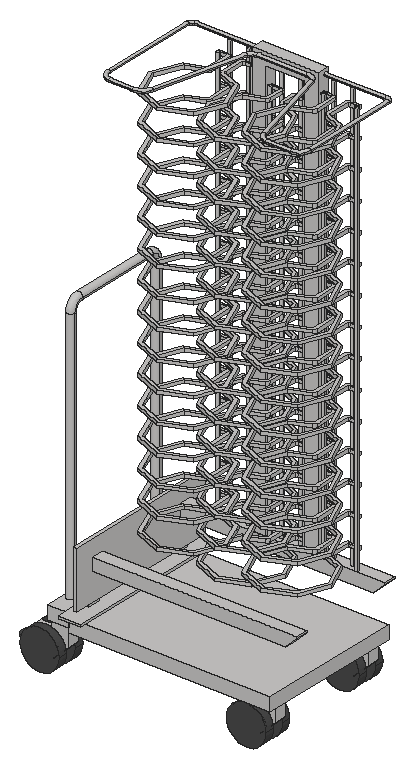
Revit family "QF_ELECTROLUXPROFESSIONAL_922763_TRBA45PL2011C", category Attrezzature speciali, Revit 2020 (continued)
Forms (mm)
  Extrusion 66, solid, material "QF_Finishes_Stainless Steel"
    sketch origin (-166.471, -23.659, 799.272) x (1, 0, 0) y (0, 1, 0)
      loop
        line (432.38, -165.946) -> (494.562, -192.341) -> (527.147, -272.992) -> (493.159, -353.062) -> (412.508, -385.647) -> (332.438, -351.659) -> (299.853, -271.008) -> (333.841, -190.938) -> (390.034, -168.235)
        arc (390.034, -168.235) -> (394.578, -164.555) -> (396.288, -158.963) r 10
        line (396.288, -158.963) -> (396.288, -85.841)
        arc (396.288, -85.841) -> (393.359, -78.77) -> (386.288, -75.841) r 10
        line (386.288, -75.841) -> (353.5, -75.841) -> (353.5, -82.841) -> (381.288, -82.841)
        arc (381.288, -82.841) -> (384.823, -84.305) -> (386.288, -87.841) r 5
        line (386.288, -87.841) -> (386.288, -155.591)
        arc (386.288, -155.591) -> (385.433, -158.386) -> (383.161, -160.226) r 5
        line (383.161, -160.226) -> (326.254, -183.218) -> (289.03, -270.914) -> (324.718, -359.246) -> (412.414, -396.47) -> (500.746, -360.782)
    from 44.728 to 54.728
  Extrusion 67, solid, material "QF_Finishes_Stainless Steel"
    sketch origin (994.581, -23.659, 819) x (-1, 0, 0) y (0, -1, 0)
      loop
        line (506.746, 360.782) -> (418.414, 396.47) -> (330.718, 359.246) -> (295.03, 270.914) -> (332.254, 183.218) -> (389.161, 160.226)
        arc (389.161, 160.226) -> (391.433, 158.386) -> (392.288, 155.591) r 5
        line (392.288, 155.591) -> (392.288, 87.841)
        arc (392.288, 87.841) -> (390.823, 84.305) -> (387.288, 82.841) r 5
        line (387.288, 82.841) -> (359.5, 82.841) -> (359.5, 75.841) -> (392.288, 75.841)
        arc (392.288, 75.841) -> (399.359, 78.77) -> (402.288, 85.841) r 10
        line (402.288, 85.841) -> (402.288, 158.963)
        arc (402.288, 158.963) -> (400.578, 164.555) -> (396.034, 168.235) r 10
        line (396.034, 168.235) -> (339.841, 190.938) -> (305.853, 271.008) -> (338.438, 351.659) -> (418.508, 385.647) -> (499.159, 353.062) -> (533.147, 272.992) -> (500.562, 192.341) -> (438.38, 165.946)
        arc (438.38, 165.946) -> (433.949, 162.261) -> (432.288, 156.741) r 10
        line (432.288, 156.741) -> (432.288, 85.841)
        arc (432.288, 85.841) -> (435.216, 78.77) -> (442.288, 75.841) r 10
        line (442.288, 75.841) -> (475.075, 75.841) -> (475.075, 82.841) -> (447.288, 82.841)
        arc (447.288, 82.841) -> (443.752, 84.305) -> (442.288, 87.841) r 5
        line (442.288, 87.841) -> (442.288, 153.432)
        arc (442.288, 153.432) -> (443.118, 156.192) -> (445.334, 158.034) r 5
        line (445.334, 158.034) -> (508.282, 184.754) -> (543.97, 273.086) -> (506.746, 360.782)
    from 25 to 35
  Extrusion 68, solid, material "QF_Finishes_Stainless Steel"
    sketch origin (0, 0, 670) x (1, 0, 0) y (0, 1, 0)
      loop
        line (500.746, -360.782) -> (537.97, -273.086) -> (502.282, -184.754) -> (439.334, -158.034)
        arc (439.334, -158.034) -> (437.118, -156.192) -> (436.288, -153.432) r 5
        line (436.288, -153.432) -> (436.288, -111.5)
        arc (436.288, -111.5) -> (437.752, -107.964) -> (441.288, -106.5) r 5
        line (441.288, -106.5) -> (469.075, -106.5) -> (469.075, -99.5) -> (436.288, -99.5)
        arc (436.288, -99.5) -> (429.216, -102.429) -> (426.288, -109.5) r 10
        line (426.288, -109.5) -> (426.288, -156.741)
        arc (426.288, -156.741) -> (427.949, -162.261) -> (432.38, -165.946) r 10
        line (432.38, -165.946) -> (494.562, -192.341) -> (527.147, -272.992) -> (493.159, -353.062) -> (412.508, -385.647) -> (332.438, -351.659) -> (299.853, -271.008) -> (333.841, -190.938) -> (390.034, -168.235)
        arc (390.034, -168.235) -> (394.578, -164.555) -> (396.288, -158.963) r 10
        line (396.288, -158.963) -> (396.288, -109.5)
        arc (396.288, -109.5) -> (393.359, -102.429) -> (386.288, -99.5) r 10
        line (386.288, -99.5) -> (353.5, -99.5) -> (353.5, -106.5) -> (381.288, -106.5)
        arc (381.288, -106.5) -> (384.823, -107.964) -> (386.288, -111.5) r 5
        line (386.288, -111.5) -> (386.288, -155.591)
        arc (386.288, -155.591) -> (385.433, -158.386) -> (383.161, -160.226) r 5
        line (383.161, -160.226) -> (326.254, -183.218) -> (289.03, -270.914) -> (324.718, -359.246) -> (412.414, -396.47) -> (500.746, -360.782)
    from 47.621 to 57.621
  Extrusion 69, solid, material "QF_Finishes_Stainless Steel"
    sketch origin (-166.471, -23.659, 710.272) x (1, 0, 0) y (0, 1, 0)
      loop
        line (500.746, -360.782) -> (537.97, -273.086) -> (502.282, -184.754) -> (439.334, -158.034)
        arc (439.334, -158.034) -> (437.118, -156.192) -> (436.288, -153.432) r 5
        line (436.288, -153.432) -> (436.288, -87.841)
        arc (436.288, -87.841) -> (437.752, -84.305) -> (441.288, -82.841) r 5
        line (441.288, -82.841) -> (469.075, -82.841) -> (469.075, -75.841) -> (436.288, -75.841)
        arc (436.288, -75.841) -> (429.216, -78.77) -> (426.288, -85.841) r 10
        line (426.288, -85.841) -> (426.288, -156.741)
        arc (426.288, -156.741) -> (427.949, -162.261) -> (432.38, -165.946) r 10
        line (432.38, -165.946) -> (494.562, -192.341) -> (527.147, -272.992) -> (493.159, -353.062) -> (412.508, -385.647) -> (332.438, -351.659) -> (299.853, -271.008) -> (333.841, -190.938) -> (390.034, -168.235)
        arc (390.034, -168.235) -> (394.578, -164.555) -> (396.288, -158.963) r 10
        line (396.288, -158.963) -> (396.288, -85.841)
        arc (396.288, -85.841) -> (393.359, -78.77) -> (386.288, -75.841) r 10
        line (386.288, -75.841) -> (353.5, -75.841) -> (353.5, -82.841) -> (381.288, -82.841)
        arc (381.288, -82.841) -> (384.823, -84.305) -> (386.288, -87.841) r 5
        line (386.288, -87.841) -> (386.288, -155.591)
        arc (386.288, -155.591) -> (385.433, -158.386) -> (383.161, -160.226) r 5
        line (383.161, -160.226) -> (326.254, -183.218) -> (289.03, -270.914) -> (324.718, -359.246) -> (412.414, -396.47) -> (500.746, -360.782)
    from 44.728 to 54.728
  Extrusion 70, solid, material "QF_Finishes_Stainless Steel"
    sketch origin (994.581, -23.659, 730) x (-1, 0, 0) y (0, -1, 0)
      loop
        line (506.746, 360.782) -> (418.414, 396.47) -> (330.718, 359.246) -> (295.03, 270.914) -> (332.254, 183.218) -> (389.161, 160.226)
        arc (389.161, 160.226) -> (391.433, 158.386) -> (392.288, 155.591) r 5
        line (392.288, 155.591) -> (392.288, 87.841)
        arc (392.288, 87.841) -> (390.823, 84.305) -> (387.288, 82.841) r 5
        line (387.288, 82.841) -> (359.5, 82.841) -> (359.5, 75.841) -> (392.288, 75.841)
        arc (392.288, 75.841) -> (399.359, 78.77) -> (402.288, 85.841) r 10
        line (402.288, 85.841) -> (402.288, 158.963)
        arc (402.288, 158.963) -> (400.578, 164.555) -> (396.034, 168.235) r 10
        line (396.034, 168.235) -> (339.841, 190.938) -> (305.853, 271.008) -> (338.438, 351.659) -> (418.508, 385.647) -> (499.159, 353.062) -> (533.147, 272.992) -> (500.562, 192.341) -> (438.38, 165.946)
        arc (438.38, 165.946) -> (433.949, 162.261) -> (432.288, 156.741) r 10
        line (432.288, 156.741) -> (432.288, 85.841)
        arc (432.288, 85.841) -> (435.216, 78.77) -> (442.288, 75.841) r 10
        line (442.288, 75.841) -> (475.075, 75.841) -> (475.075, 82.841) -> (447.288, 82.841)
        arc (447.288, 82.841) -> (443.752, 84.305) -> (442.288, 87.841) r 5
        line (442.288, 87.841) -> (442.288, 153.432)
        arc (442.288, 153.432) -> (443.118, 156.192) -> (445.334, 158.034) r 5
        line (445.334, 158.034) -> (508.282, 184.754) -> (543.97, 273.086) -> (506.746, 360.782)
    from 25 to 35
  Extrusion 71, solid, material "QF_Finishes_Stainless Steel"
    sketch origin (0, 0, 581) x (1, 0, 0) y (0, 1, 0)
      loop
        line (500.746, -360.782) -> (537.97, -273.086) -> (502.282, -184.754) -> (439.334, -158.034)
        arc (439.334, -158.034) -> (437.118, -156.192) -> (436.288, -153.432) r 5
        line (436.288, -153.432) -> (436.288, -111.5)
        arc (436.288, -111.5) -> (437.752, -107.964) -> (441.288, -106.5) r 5
        line (441.288, -106.5) -> (469.075, -106.5) -> (469.075, -99.5) -> (436.288, -99.5)
        arc (436.288, -99.5) -> (429.216, -102.429) -> (426.288, -109.5) r 10
        line (426.288, -109.5) -> (426.288, -156.741)
        arc (426.288, -156.741) -> (427.949, -162.261) -> (432.38, -165.946) r 10
        line (432.38, -165.946) -> (494.562, -192.341) -> (527.147, -272.992) -> (493.159, -353.062) -> (412.508, -385.647) -> (332.438, -351.659) -> (299.853, -271.008) -> (333.841, -190.938) -> (390.034, -168.235)
        arc (390.034, -168.235) -> (394.578, -164.555) -> (396.288, -158.963) r 10
        line (396.288, -158.963) -> (396.288, -109.5)
        arc (396.288, -109.5) -> (393.359, -102.429) -> (386.288, -99.5) r 10
        line (386.288, -99.5) -> (353.5, -99.5) -> (353.5, -106.5) -> (381.288, -106.5)
        arc (381.288, -106.5) -> (384.823, -107.964) -> (386.288, -111.5) r 5
        line (386.288, -111.5) -> (386.288, -155.591)
        arc (386.288, -155.591) -> (385.433, -158.386) -> (383.161, -160.226) r 5
        line (383.161, -160.226) -> (326.254, -183.218) -> (289.03, -270.914) -> (324.718, -359.246) -> (412.414, -396.47) -> (500.746, -360.782)
    from 47.621 to 57.621
  Extrusion 72, solid, material "QF_Finishes_Stainless Steel"
    sketch origin (-166.471, -23.659, 621.272) x (1, 0, 0) y (0, 1, 0)
      loop
        line (500.746, -360.782) -> (537.97, -273.086) -> (502.282, -184.754) -> (439.334, -158.034)
        arc (439.334, -158.034) -> (437.118, -156.192) -> (436.288, -153.432) r 5
        line (436.288, -153.432) -> (436.288, -87.841)
        arc (436.288, -87.841) -> (437.752, -84.305) -> (441.288, -82.841) r 5
        line (441.288, -82.841) -> (469.075, -82.841) -> (469.075, -75.841) -> (436.288, -75.841)
        arc (436.288, -75.841) -> (429.216, -78.77) -> (426.288, -85.841) r 10
        line (426.288, -85.841) -> (426.288, -156.741)
        arc (426.288, -156.741) -> (427.949, -162.261) -> (432.38, -165.946) r 10
        line (432.38, -165.946) -> (494.562, -192.341) -> (527.147, -272.992) -> (493.159, -353.062) -> (412.508, -385.647) -> (332.438, -351.659) -> (299.853, -271.008) -> (333.841, -190.938) -> (390.034, -168.235)
        arc (390.034, -168.235) -> (394.578, -164.555) -> (396.288, -158.963) r 10
        line (396.288, -158.963) -> (396.288, -85.841)
        arc (396.288, -85.841) -> (393.359, -78.77) -> (386.288, -75.841) r 10
        line (386.288, -75.841) -> (353.5, -75.841) -> (353.5, -82.841) -> (381.288, -82.841)
        arc (381.288, -82.841) -> (384.823, -84.305) -> (386.288, -87.841) r 5
        line (386.288, -87.841) -> (386.288, -155.591)
        arc (386.288, -155.591) -> (385.433, -158.386) -> (383.161, -160.226) r 5
        line (383.161, -160.226) -> (326.254, -183.218) -> (289.03, -270.914) -> (324.718, -359.246) -> (412.414, -396.47) -> (500.746, -360.782)
    from 44.728 to 54.728
  Extrusion 73, solid, material "QF_Finishes_Stainless Steel"
    sketch origin (994.581, -23.659, 641) x (-1, 0, 0) y (0, -1, 0)
      loop
        line (506.746, 360.782) -> (418.414, 396.47) -> (330.718, 359.246) -> (295.03, 270.914) -> (332.254, 183.218) -> (389.161, 160.226)
        arc (389.161, 160.226) -> (391.433, 158.386) -> (392.288, 155.591) r 5
        line (392.288, 155.591) -> (392.288, 87.841)
        arc (392.288, 87.841) -> (390.823, 84.305) -> (387.288, 82.841) r 5
        line (387.288, 82.841) -> (359.5, 82.841) -> (359.5, 75.841) -> (392.288, 75.841)
        arc (392.288, 75.841) -> (399.359, 78.77) -> (402.288, 85.841) r 10
        line (402.288, 85.841) -> (402.288, 158.963)
        arc (402.288, 158.963) -> (400.578, 164.555) -> (396.034, 168.235) r 10
        line (396.034, 168.235) -> (339.841, 190.938) -> (305.853, 271.008) -> (338.438, 351.659) -> (418.508, 385.647) -> (499.159, 353.062) -> (533.147, 272.992) -> (500.562, 192.341) -> (438.38, 165.946)
        arc (438.38, 165.946) -> (433.949, 162.261) -> (432.288, 156.741) r 10
        line (432.288, 156.741) -> (432.288, 85.841)
        arc (432.288, 85.841) -> (435.216, 78.77) -> (442.288, 75.841) r 10
        line (442.288, 75.841) -> (475.075, 75.841) -> (475.075, 82.841) -> (447.288, 82.841)
        arc (447.288, 82.841) -> (443.752, 84.305) -> (442.288, 87.841) r 5
        line (442.288, 87.841) -> (442.288, 153.432)
        arc (442.288, 153.432) -> (443.118, 156.192) -> (445.334, 158.034) r 5
        line (445.334, 158.034) -> (508.282, 184.754) -> (543.97, 273.086) -> (506.746, 360.782)
    from 25 to 35
  Extrusion 74, solid, material "QF_Finishes_Stainless Steel"
    sketch origin (0, 0, 492) x (1, 0, 0) y (0, 1, 0)
      loop
        line (500.746, -360.782) -> (537.97, -273.086) -> (502.282, -184.754) -> (439.334, -158.034)
        arc (439.334, -158.034) -> (437.118, -156.192) -> (436.288, -153.432) r 5
        line (436.288, -153.432) -> (436.288, -111.5)
        arc (436.288, -111.5) -> (437.752, -107.964) -> (441.288, -106.5) r 5
        line (441.288, -106.5) -> (469.075, -106.5) -> (469.075, -99.5) -> (436.288, -99.5)
        arc (436.288, -99.5) -> (429.216, -102.429) -> (426.288, -109.5) r 10
        line (426.288, -109.5) -> (426.288, -156.741)
        arc (426.288, -156.741) -> (427.949, -162.261) -> (432.38, -165.946) r 10
        line (432.38, -165.946) -> (494.562, -192.341) -> (527.147, -272.992) -> (493.159, -353.062) -> (412.508, -385.647) -> (332.438, -351.659) -> (299.853, -271.008) -> (333.841, -190.938) -> (390.034, -168.235)
        arc (390.034, -168.235) -> (394.578, -164.555) -> (396.288, -158.963) r 10
        line (396.288, -158.963) -> (396.288, -109.5)
        arc (396.288, -109.5) -> (393.359, -102.429) -> (386.288, -99.5) r 10
        line (386.288, -99.5) -> (353.5, -99.5) -> (353.5, -106.5) -> (381.288, -106.5)
        arc (381.288, -106.5) -> (384.823, -107.964) -> (386.288, -111.5) r 5
        line (386.288, -111.5) -> (386.288, -155.591)
        arc (386.288, -155.591) -> (385.433, -158.386) -> (383.161, -160.226) r 5
        line (383.161, -160.226) -> (326.254, -183.218) -> (289.03, -270.914) -> (324.718, -359.246) -> (412.414, -396.47) -> (500.746, -360.782)
    from 47.621 to 57.621
  Extrusion 75, solid, material "QF_Finishes_Stainless Steel"
    sketch origin (-166.471, -23.659, 532.272) x (1, 0, 0) y (0, 1, 0)
      loop
        line (500.746, -360.782) -> (537.97, -273.086) -> (502.282, -184.754) -> (439.334, -158.034)
        arc (439.334, -158.034) -> (437.118, -156.192) -> (436.288, -153.432) r 5
        line (436.288, -153.432) -> (436.288, -87.841)
        arc (436.288, -87.841) -> (437.752, -84.305) -> (441.288, -82.841) r 5
        line (441.288, -82.841) -> (469.075, -82.841) -> (469.075, -75.841) -> (436.288, -75.841)
        arc (436.288, -75.841) -> (429.216, -78.77) -> (426.288, -85.841) r 10
        line (426.288, -85.841) -> (426.288, -156.741)
        arc (426.288, -156.741) -> (427.949, -162.261) -> (432.38, -165.946) r 10
        line (432.38, -165.946) -> (494.562, -192.341) -> (527.147, -272.992) -> (493.159, -353.062) -> (412.508, -385.647) -> (332.438, -351.659) -> (299.853, -271.008) -> (333.841, -190.938) -> (390.034, -168.235)
        arc (390.034, -168.235) -> (394.578, -164.555) -> (396.288, -158.963) r 10
        line (396.288, -158.963) -> (396.288, -85.841)
        arc (396.288, -85.841) -> (393.359, -78.77) -> (386.288, -75.841) r 10
        line (386.288, -75.841) -> (353.5, -75.841) -> (353.5, -82.841) -> (381.288, -82.841)
        arc (381.288, -82.841) -> (384.823, -84.305) -> (386.288, -87.841) r 5
        line (386.288, -87.841) -> (386.288, -155.591)
        arc (386.288, -155.591) -> (385.433, -158.386) -> (383.161, -160.226) r 5
        line (383.161, -160.226) -> (326.254, -183.218) -> (289.03, -270.914) -> (324.718, -359.246) -> (412.414, -396.47) -> (500.746, -360.782)
    from 44.728 to 54.728
  Extrusion 76, solid, material "QF_Finishes_Stainless Steel"
    sketch origin (994.581, -23.659, 552) x (-1, 0, 0) y (0, -1, 0)
      loop
        line (506.746, 360.782) -> (418.414, 396.47) -> (330.718, 359.246) -> (295.03, 270.914) -> (332.254, 183.218) -> (389.161, 160.226)
        arc (389.161, 160.226) -> (391.433, 158.386) -> (392.288, 155.591) r 5
        line (392.288, 155.591) -> (392.288, 87.841)
        arc (392.288, 87.841) -> (390.823, 84.305) -> (387.288, 82.841) r 5
        line (387.288, 82.841) -> (359.5, 82.841) -> (359.5, 75.841) -> (392.288, 75.841)
        arc (392.288, 75.841) -> (399.359, 78.77) -> (402.288, 85.841) r 10
        line (402.288, 85.841) -> (402.288, 158.963)
        arc (402.288, 158.963) -> (400.578, 164.555) -> (396.034, 168.235) r 10
        line (396.034, 168.235) -> (339.841, 190.938) -> (305.853, 271.008) -> (338.438, 351.659) -> (418.508, 385.647) -> (499.159, 353.062) -> (533.147, 272.992) -> (500.562, 192.341) -> (438.38, 165.946)
        arc (438.38, 165.946) -> (433.949, 162.261) -> (432.288, 156.741) r 10
        line (432.288, 156.741) -> (432.288, 85.841)
        arc (432.288, 85.841) -> (435.216, 78.77) -> (442.288, 75.841) r 10
        line (442.288, 75.841) -> (475.075, 75.841) -> (475.075, 82.841) -> (447.288, 82.841)
        arc (447.288, 82.841) -> (443.752, 84.305) -> (442.288, 87.841) r 5
        line (442.288, 87.841) -> (442.288, 153.432)
        arc (442.288, 153.432) -> (443.118, 156.192) -> (445.334, 158.034) r 5
        line (445.334, 158.034) -> (508.282, 184.754) -> (543.97, 273.086) -> (506.746, 360.782)
    from 25 to 35
  Extrusion 77, solid, material "QF_Finishes_Stainless Steel"
    sketch origin (0, 0, 403) x (1, 0, 0) y (0, 1, 0)
      loop
        line (500.746, -360.782) -> (537.97, -273.086) -> (502.282, -184.754) -> (439.334, -158.034)
        arc (439.334, -158.034) -> (437.118, -156.192) -> (436.288, -153.432) r 5
        line (436.288, -153.432) -> (436.288, -111.5)
        arc (436.288, -111.5) -> (437.752, -107.964) -> (441.288, -106.5) r 5
        line (441.288, -106.5) -> (469.075, -106.5) -> (469.075, -99.5) -> (436.288, -99.5)
        arc (436.288, -99.5) -> (429.216, -102.429) -> (426.288, -109.5) r 10
        line (426.288, -109.5) -> (426.288, -156.741)
        arc (426.288, -156.741) -> (427.949, -162.261) -> (432.38, -165.946) r 10
        line (432.38, -165.946) -> (494.562, -192.341) -> (527.147, -272.992) -> (493.159, -353.062) -> (412.508, -385.647) -> (332.438, -351.659) -> (299.853, -271.008) -> (333.841, -190.938) -> (390.034, -168.235)
        arc (390.034, -168.235) -> (394.578, -164.555) -> (396.288, -158.963) r 10
        line (396.288, -158.963) -> (396.288, -109.5)
        arc (396.288, -109.5) -> (393.359, -102.429) -> (386.288, -99.5) r 10
        line (386.288, -99.5) -> (353.5, -99.5) -> (353.5, -106.5) -> (381.288, -106.5)
        arc (381.288, -106.5) -> (384.823, -107.964) -> (386.288, -111.5) r 5
        line (386.288, -111.5) -> (386.288, -155.591)
        arc (386.288, -155.591) -> (385.433, -158.386) -> (383.161, -160.226) r 5
        line (383.161, -160.226) -> (326.254, -183.218) -> (289.03, -270.914) -> (324.718, -359.246) -> (412.414, -396.47) -> (500.746, -360.782)
    from 47.621 to 57.621
  Extrusion 78, solid, material "QF_Finishes_Stainless Steel"
    sketch origin (-166.471, -23.659, 443.272) x (1, 0, 0) y (0, 1, 0)
      loop
        line (500.746, -360.782) -> (537.97, -273.086) -> (502.282, -184.754) -> (439.334, -158.034)
        arc (439.334, -158.034) -> (437.118, -156.192) -> (436.288, -153.432) r 5
        line (436.288, -153.432) -> (436.288, -87.841)
        arc (436.288, -87.841) -> (437.752, -84.305) -> (441.288, -82.841) r 5
        line (441.288, -82.841) -> (469.075, -82.841) -> (469.075, -75.841) -> (436.288, -75.841)
        arc (436.288, -75.841) -> (429.216, -78.77) -> (426.288, -85.841) r 10
        line (426.288, -85.841) -> (426.288, -156.741)
        arc (426.288, -156.741) -> (427.949, -162.261) -> (432.38, -165.946) r 10
        line (432.38, -165.946) -> (494.562, -192.341) -> (527.147, -272.992) -> (493.159, -353.062) -> (412.508, -385.647) -> (332.438, -351.659) -> (299.853, -271.008) -> (333.841, -190.938) -> (390.034, -168.235)
        arc (390.034, -168.235) -> (394.578, -164.555) -> (396.288, -158.963) r 10
        line (396.288, -158.963) -> (396.288, -85.841)
        arc (396.288, -85.841) -> (393.359, -78.77) -> (386.288, -75.841) r 10
        line (386.288, -75.841) -> (353.5, -75.841) -> (353.5, -82.841) -> (381.288, -82.841)
        arc (381.288, -82.841) -> (384.823, -84.305) -> (386.288, -87.841) r 5
        line (386.288, -87.841) -> (386.288, -155.591)
        arc (386.288, -155.591) -> (385.433, -158.386) -> (383.161, -160.226) r 5
        line (383.161, -160.226) -> (326.254, -183.218) -> (289.03, -270.914) -> (324.718, -359.246) -> (412.414, -396.47) -> (500.746, -360.782)
    from 44.728 to 54.728
  Extrusion 79, solid, material "QF_Finishes_Stainless Steel"
    sketch origin (994.581, -23.659, 463) x (-1, 0, 0) y (0, -1, 0)
      loop
        line (506.746, 360.782) -> (418.414, 396.47) -> (330.718, 359.246) -> (295.03, 270.914) -> (332.254, 183.218) -> (389.161, 160.226)
        arc (389.161, 160.226) -> (391.433, 158.386) -> (392.288, 155.591) r 5
        line (392.288, 155.591) -> (392.288, 87.841)
        arc (392.288, 87.841) -> (390.823, 84.305) -> (387.288, 82.841) r 5
        line (387.288, 82.841) -> (359.5, 82.841) -> (359.5, 75.841) -> (392.288, 75.841)
        arc (392.288, 75.841) -> (399.359, 78.77) -> (402.288, 85.841) r 10
        line (402.288, 85.841) -> (402.288, 158.963)
        arc (402.288, 158.963) -> (400.578, 164.555) -> (396.034, 168.235) r 10
        line (396.034, 168.235) -> (339.841, 190.938) -> (305.853, 271.008) -> (338.438, 351.659) -> (418.508, 385.647) -> (499.159, 353.062) -> (533.147, 272.992) -> (500.562, 192.341) -> (438.38, 165.946)
        arc (438.38, 165.946) -> (433.949, 162.261) -> (432.288, 156.741) r 10
        line (432.288, 156.741) -> (432.288, 85.841)
        arc (432.288, 85.841) -> (435.216, 78.77) -> (442.288, 75.841) r 10
        line (442.288, 75.841) -> (475.075, 75.841) -> (475.075, 82.841) -> (447.288, 82.841)
        arc (447.288, 82.841) -> (443.752, 84.305) -> (442.288, 87.841) r 5
        line (442.288, 87.841) -> (442.288, 153.432)
        arc (442.288, 153.432) -> (443.118, 156.192) -> (445.334, 158.034) r 5
        line (445.334, 158.034) -> (508.282, 184.754) -> (543.97, 273.086) -> (506.746, 360.782)
    from 25 to 35
  Extrusion 80, solid, material "QF_Finishes_Stainless Steel"
    sketch origin (0, 0, 314) x (1, 0, 0) y (0, 1, 0)
      loop
        line (500.746, -360.782) -> (537.97, -273.086) -> (502.282, -184.754) -> (439.334, -158.034)
        arc (439.334, -158.034) -> (437.118, -156.192) -> (436.288, -153.432) r 5
        line (436.288, -153.432) -> (436.288, -111.5)
        arc (436.288, -111.5) -> (437.752, -107.964) -> (441.288, -106.5) r 5
        line (441.288, -106.5) -> (469.075, -106.5) -> (469.075, -99.5) -> (436.288, -99.5)
        arc (436.288, -99.5) -> (429.216, -102.429) -> (426.288, -109.5) r 10
        line (426.288, -109.5) -> (426.288, -156.741)
        arc (426.288, -156.741) -> (427.949, -162.261) -> (432.38, -165.946) r 10
        line (432.38, -165.946) -> (494.562, -192.341) -> (527.147, -272.992) -> (493.159, -353.062) -> (412.508, -385.647) -> (332.438, -351.659) -> (299.853, -271.008) -> (333.841, -190.938) -> (390.034, -168.235)
        arc (390.034, -168.235) -> (394.578, -164.555) -> (396.288, -158.963) r 10
        line (396.288, -158.963) -> (396.288, -109.5)
        arc (396.288, -109.5) -> (393.359, -102.429) -> (386.288, -99.5) r 10
        line (386.288, -99.5) -> (353.5, -99.5) -> (353.5, -106.5) -> (381.288, -106.5)
        arc (381.288, -106.5) -> (384.823, -107.964) -> (386.288, -111.5) r 5
        line (386.288, -111.5) -> (386.288, -155.591)
        arc (386.288, -155.591) -> (385.433, -158.386) -> (383.161, -160.226) r 5
        line (383.161, -160.226) -> (326.254, -183.218) -> (289.03, -270.914) -> (324.718, -359.246) -> (412.414, -396.47) -> (500.746, -360.782)
    from 47.621 to 57.621
  Extrusion 81, solid, material "QF_Finishes_Stainless Steel"
    sketch origin (-166.471, -23.659, 354.272) x (1, 0, 0) y (0, 1, 0)
      loop
        line (500.746, -360.782) -> (537.97, -273.086) -> (502.282, -184.754) -> (439.334, -158.034)
        arc (439.334, -158.034) -> (437.118, -156.192) -> (436.288, -153.432) r 5
        line (436.288, -153.432) -> (436.288, -87.841)
        arc (436.288, -87.841) -> (437.752, -84.305) -> (441.288, -82.841) r 5
        line (441.288, -82.841) -> (469.075, -82.841) -> (469.075, -75.841) -> (436.288, -75.841)
        arc (436.288, -75.841) -> (429.216, -78.77) -> (426.288, -85.841) r 10
        line (426.288, -85.841) -> (426.288, -156.741)
        arc (426.288, -156.741) -> (427.949, -162.261) -> (432.38, -165.946) r 10
        line (432.38, -165.946) -> (494.562, -192.341) -> (527.147, -272.992) -> (493.159, -353.062) -> (412.508, -385.647) -> (332.438, -351.659) -> (299.853, -271.008) -> (333.841, -190.938) -> (390.034, -168.235)
        arc (390.034, -168.235) -> (394.578, -164.555) -> (396.288, -158.963) r 10
        line (396.288, -158.963) -> (396.288, -85.841)
        arc (396.288, -85.841) -> (393.359, -78.77) -> (386.288, -75.841) r 10
        line (386.288, -75.841) -> (353.5, -75.841) -> (353.5, -82.841) -> (381.288, -82.841)
        arc (381.288, -82.841) -> (384.823, -84.305) -> (386.288, -87.841) r 5
        line (386.288, -87.841) -> (386.288, -155.591)
        arc (386.288, -155.591) -> (385.433, -158.386) -> (383.161, -160.226) r 5
        line (383.161, -160.226) -> (326.254, -183.218) -> (289.03, -270.914) -> (324.718, -359.246) -> (412.414, -396.47) -> (500.746, -360.782)
    from 44.728 to 54.728
  Extrusion 82, solid, material "QF_Finishes_Stainless Steel"
    sketch origin (994.581, -23.659, 374) x (-1, 0, 0) y (0, -1, 0)
      loop
        line (506.746, 360.782) -> (418.414, 396.47) -> (330.718, 359.246) -> (295.03, 270.914) -> (332.254, 183.218) -> (389.161, 160.226)
        arc (389.161, 160.226) -> (391.433, 158.386) -> (392.288, 155.591) r 5
        line (392.288, 155.591) -> (392.288, 87.841)
        arc (392.288, 87.841) -> (390.823, 84.305) -> (387.288, 82.841) r 5
        line (387.288, 82.841) -> (359.5, 82.841) -> (359.5, 75.841) -> (392.288, 75.841)
        arc (392.288, 75.841) -> (399.359, 78.77) -> (402.288, 85.841) r 10
        line (402.288, 85.841) -> (402.288, 158.963)
        arc (402.288, 158.963) -> (400.578, 164.555) -> (396.034, 168.235) r 10
        line (396.034, 168.235) -> (339.841, 190.938) -> (305.853, 271.008) -> (338.438, 351.659) -> (418.508, 385.647) -> (499.159, 353.062) -> (533.147, 272.992) -> (500.562, 192.341) -> (438.38, 165.946)
        arc (438.38, 165.946) -> (433.949, 162.261) -> (432.288, 156.741) r 10
        line (432.288, 156.741) -> (432.288, 85.841)
        arc (432.288, 85.841) -> (435.216, 78.77) -> (442.288, 75.841) r 10
        line (442.288, 75.841) -> (475.075, 75.841) -> (475.075, 82.841) -> (447.288, 82.841)
        arc (447.288, 82.841) -> (443.752, 84.305) -> (442.288, 87.841) r 5
        line (442.288, 87.841) -> (442.288, 153.432)
        arc (442.288, 153.432) -> (443.118, 156.192) -> (445.334, 158.034) r 5
        line (445.334, 158.034) -> (508.282, 184.754) -> (543.97, 273.086) -> (506.746, 360.782)
    from 25 to 35
Cuts and joins
  joined: Extrusion 5, Extrusion 9, Extrusion 10
Dimensions and locks
  plane 4 "LEFT" to plane 5 "RIGHT" = 869 mm
  plane 3 "FRONT" to plane 1 "Back" = 544 mm
  equal spacing: plane 4 "LEFT", plane 6, plane 5 "RIGHT"
  equal spacing: plane 3 "FRONT", plane 7 "Centro Avanti/Indietro", plane 1 "Back"
  plane 8 to plane 2 = 1039 mm
  locked: plane 9 to plane 2 at 130
  plane 10 to plane 2 = 303 mm
  plane 11 to plane 2 = 62.5 mm
  equal spacing: plane 12, plane 7 "Centro Avanti/Indietro", plane 13
  plane 12 to plane 13 = 467 mm
  locked: plane 12 to Sweep 11 sketch curve at 65
  locked: Sweep 11 sketch curve to plane 13 at 65
  locked: plane 13 to Extrusion 6 sketch curve at 20
  locked: Extrusion 6 sketch curve to plane 12 at 20
  locked: plane 15 to plane 13 at 60
  locked: plane 12 to plane 14 at 60
  equal spacing: plane 16, plane 7 "Centro Avanti/Indietro", plane 17
  plane 16 to plane 17 = 416 mm
  equal spacing: plane 18, plane 7 "Centro Avanti/Indietro", plane 19
  plane 18 to plane 19 = 367 mm
  plane 2 to plane 20 = 1714 mm
  aligned and locked: level to plane 2
  aligned and locked: Extrusion 3 sketch curve to plane 12
  aligned and locked: plane 13 to Extrusion 3 sketch curve
  aligned and locked: plane 9 to Extrusion 3
  aligned and locked: Extrusion 4 to plane 13
  aligned and locked: plane 12 to Extrusion 4
  aligned and locked: plane 1 "Back" to Extrusion 5 sketch curve
  aligned and locked: plane 3 "FRONT" to Extrusion 5 sketch curve
  aligned and locked: Extrusion 5 sketch curve to Extrusion 4
  aligned and locked: plane 12 to Extrusion 3
  aligned and locked: Extrusion 3 to plane 13
  aligned and locked: Extrusion 7 to Extrusion 24  (x2)
  aligned and locked: Extrusion 25 to Extrusion 7
Automatic sketch dimensions
  plane 11 to Extrusion 1 sketch curve = 21.518 mm
  plane 4 "LEFT" to Extrusion 1 sketch curve = 157.703 mm
  Extrusion 1 sketch curve to plane 11 = 23.482 mm
  Extrusion 1 sketch curve to Extrusion 1 sketch curve = 45 mm
  Extrusion 1 sketch curve to plane 9 = 15.401 mm
  Extrusion 1 sketch curve to Extrusion 1 sketch curve = 53.441 mm
  plane 4 "LEFT" to Extrusion 1 sketch curve = 44.112 mm
  plane 9 to Extrusion 1 sketch curve = 21.361 mm
  plane 11 to Extrusion 2 sketch curve = 2.526 mm
  plane 4 "LEFT" to Extrusion 2 sketch curve = 87.276 mm
  plane 4 "LEFT" to Extrusion 3 sketch curve = 162.598 mm
  plane 5 "RIGHT" to Extrusion 3 sketch curve = 69.894 mm
  Extrusion 4 sketch curve to plane 9 = 58.74 mm
  plane 4 "LEFT" to Extrusion 4 sketch curve = 162.598 mm
  Extrusion 4 sketch curve to plane 9 = 15.401 mm
  Extrusion 4 sketch curve to Extrusion 4 sketch curve = 63.916 mm
  Extrusion 5 sketch curve to Extrusion 5 sketch curve = 71.336 mm
  Extrusion 6 sketch curve to plane 9 = 83.148 mm
  Extrusion 6 sketch curve to plane 10 = 90.148 mm
  Extrusion 7 sketch curve to plane 10 = 0 mm
  plane 5 "RIGHT" to Extrusion 7 sketch curve = 17.297 mm
  Extrusion 7 sketch curve to Extrusion 7 sketch curve = 35.896 mm
  plane 4 "LEFT" to Extrusion 7 sketch curve = 205 mm
  Extrusion 7 sketch curve to plane 10 = 35.896 mm
  Extrusion 7 sketch curve to Extrusion 7 sketch curve = 5 mm
  Extrusion 8 sketch curve to plane 10 = 0 mm
  plane 5 "RIGHT" to Extrusion 8 sketch curve = 17.297 mm
  Extrusion 8 sketch curve to Extrusion 8 sketch curve = 35.896 mm
  plane 4 "LEFT" to Extrusion 8 sketch curve = 205 mm
  Extrusion 8 sketch curve to plane 10 = 35.896 mm
  Extrusion 8 sketch curve to plane 10 = 40.896 mm
  plane 14 to Extrusion 9 sketch curve = 19.069 mm
  plane 4 "LEFT" to Extrusion 9 sketch curve = 162.598 mm
  Extrusion 9 sketch curve to Extrusion 9 sketch curve = 31.695 mm
  plane 19 to Extrusion 9 sketch curve = 9.085 mm
  plane 15 to Extrusion 10 sketch curve = 19.069 mm
  Extrusion 10 sketch curve to plane 4 "LEFT" = 162.598 mm
  Extrusion 10 sketch curve to Extrusion 10 sketch curve = 31.695 mm
  Extrusion 10 sketch curve to plane 18 = 9.085 mm
  Sweep 11 sketch curve to Sweep 11 sketch curve = 30 mm
  Sweep 11 sketch curve to plane 8 = 12.5 mm
  plane 14 to Sweep 11 sketch curve = 35 mm
  Sweep 11 sketch curve to plane 9 = 58.74 mm  (x2)
  profile plane to Sweep 11 sketch curve = 0 mm
  Sweep 11 sketch curve to profile plane = 0 mm
  plane 11 to Extrusion 12 sketch curve = 2.526 mm
  plane 4 "LEFT" to Extrusion 12 sketch curve = 87.276 mm
  plane 18 to Extrusion 13 sketch curve = 5.509 mm
  plane 4 "LEFT" to Extrusion 13 sketch curve = 24.776 mm  (x2)
  plane 13 to Extrusion 13 sketch curve = 6.25 mm
  plane 17 to Extrusion 13 sketch curve = 1.631 mm
  Extrusion 13 sketch curve to Extrusion 13 sketch curve = 8.72 mm
  Extrusion 13 sketch curve to Extrusion 13 sketch curve = 26.578 mm
  Extrusion 13 sketch curve to plane 13 = 8.512 mm
  plane 11 to Extrusion 14 sketch curve = 21.518 mm
  plane 4 "LEFT" to Extrusion 14 sketch curve = 157.703 mm
  Extrusion 14 sketch curve to plane 11 = 23.482 mm
  Extrusion 14 sketch curve to Extrusion 14 sketch curve = 45 mm
  Extrusion 14 sketch curve to plane 9 = 15.401 mm
  Extrusion 14 sketch curve to Extrusion 14 sketch curve = 53.441 mm
  plane 4 "LEFT" to Extrusion 14 sketch curve = 44.112 mm
  plane 9 to Extrusion 14 sketch curve = 21.361 mm
  plane 11 to Extrusion 15 sketch curve = 2.526 mm
  plane 4 "LEFT" to Extrusion 15 sketch curve = 87.276 mm
  plane 11 to Extrusion 16 sketch curve = 2.526 mm
  plane 4 "LEFT" to Extrusion 16 sketch curve = 87.276 mm
  plane 19 to Extrusion 17 sketch curve = 5.509 mm
  plane 4 "LEFT" to Extrusion 17 sketch curve = 24.776 mm  (x2)
  Extrusion 17 sketch curve to plane 12 = 6.25 mm
  Extrusion 17 sketch curve to plane 16 = 1.631 mm
  Extrusion 17 sketch curve to Extrusion 17 sketch curve = 8.72 mm
  Extrusion 17 sketch curve to Extrusion 17 sketch curve = 26.578 mm
  Extrusion 17 sketch curve to plane 14 = 3.75 mm
  plane 11 to Extrusion 18 sketch curve = 21.518 mm
  plane 5 "RIGHT" to Extrusion 18 sketch curve = 77.276 mm
  Extrusion 18 sketch curve to plane 11 = 23.482 mm
  Extrusion 18 sketch curve to Extrusion 18 sketch curve = 45 mm
  Extrusion 18 sketch curve to plane 9 = 15.401 mm
  Extrusion 18 sketch curve to Extrusion 18 sketch curve = 53.441 mm
  Extrusion 18 sketch curve to Extrusion 18 sketch curve = 68.591 mm
  plane 9 to Extrusion 18 sketch curve = 21.361 mm
  plane 11 to Extrusion 19 sketch curve = 2.526 mm
  plane 5 "RIGHT" to Extrusion 19 sketch curve = 147.703 mm
  plane 11 to Extrusion 20 sketch curve = 2.526 mm
  plane 5 "RIGHT" to Extrusion 20 sketch curve = 147.703 mm
  plane 11 to Extrusion 21 sketch curve = 21.518 mm
  plane 5 "RIGHT" to Extrusion 21 sketch curve = 77.276 mm
  Extrusion 21 sketch curve to plane 11 = 23.482 mm
  Extrusion 21 sketch curve to Extrusion 21 sketch curve = 45 mm
  Extrusion 21 sketch curve to plane 9 = 15.401 mm
  Extrusion 21 sketch curve to Extrusion 21 sketch curve = 53.441 mm
  Extrusion 21 sketch curve to Extrusion 21 sketch curve = 68.591 mm
  plane 9 to Extrusion 21 sketch curve = 21.361 mm
  plane 11 to Extrusion 22 sketch curve = 2.526 mm
  plane 5 "RIGHT" to Extrusion 22 sketch curve = 147.703 mm
  plane 11 to Extrusion 23 sketch curve = 2.526 mm
  plane 5 "RIGHT" to Extrusion 23 sketch curve = 147.703 mm
  Extrusion 24 sketch curve to plane 20 = 0 mm
  Extrusion 24 sketch curve to plane 6 = 0 mm
  plane 6 to Extrusion 24 sketch curve = 39.659 mm
  Extrusion 24 sketch curve to plane 10 = 40.896 mm  (x2)
  Extrusion 24 sketch curve to Extrusion 24 sketch curve = 125 mm
  Extrusion 24 sketch curve to Extrusion 24 sketch curve = 42.451 mm
  plane 20 to Extrusion 24 sketch curve = 40.104 mm
  plane 14 to Extrusion 25 sketch curve = 12.078 mm
  Extrusion 25 sketch curve to plane 6 = 116.162 mm
  Extrusion 26 sketch curve to plane 6 = 6.162 mm
  plane 14 to Extrusion 26 sketch curve = 12.078 mm
  plane 14 to Extrusion 27 sketch curve = 12.078 mm
  plane 5 "RIGHT" to Extrusion 27 sketch curve = 217.662 mm
  plane 14 to Extrusion 28 sketch curve = 12.078 mm
  plane 5 "RIGHT" to Extrusion 28 sketch curve = 112.662 mm
  Extrusion 29 sketch curve to plane 14 = 2.922 mm
  plane 5 "RIGHT" to Extrusion 29 sketch curve = 137.662 mm
  Extrusion 30 sketch curve to plane 14 = 2.922 mm
  plane 5 "RIGHT" to Extrusion 30 sketch curve = 197.662 mm
  plane 14 to Extrusion 31 sketch curve = 12.078 mm
  plane 6 to Extrusion 31 sketch curve = 158.838 mm
  plane 14 to Extrusion 32 sketch curve = 12.078 mm
  plane 6 to Extrusion 32 sketch curve = 48.838 mm
  Extrusion 33 sketch curve to plane 14 = 2.922 mm
  Extrusion 33 sketch curve to plane 6 = 31.162 mm
  Extrusion 34 sketch curve to plane 14 = 2.922 mm
  Extrusion 34 sketch curve to plane 6 = 91.162 mm
  Extrusion 35 sketch curve to plane 14 = 2.922 mm
  plane 6 to Extrusion 35 sketch curve = 73.838 mm
  Extrusion 36 sketch curve to plane 14 = 2.922 mm
  plane 6 to Extrusion 36 sketch curve = 133.838 mm
  Sweep 37 sketch curve to plane 6 = 0 mm
  Sweep 37 sketch curve to plane 6 = 2.511 mm
  Sweep 37 sketch curve to plane 15 = 23.165 mm
  Sweep 37 sketch curve to plane 6 = 75.541 mm
  Sweep 37 sketch curve to Sweep 37 sketch curve = 33.867 mm
  Sweep 37 sketch curve to plane 15 = 27 mm
  Sweep 37 sketch curve to Sweep 37 sketch curve = 75.592 mm
  Sweep 37 sketch curve to plane 14 = 5 mm
  Sweep 37 sketch curve to plane 6 = 200 mm
  Sweep 37 sketch curve to Sweep 37 sketch curve = 30 mm
  plane 6 to Sweep 37 sketch curve = 21.68 mm
  plane 14 to Sweep 37 sketch curve = 25.194 mm
  Sweep 37 sketch curve to Sweep 37 sketch curve = 157.236 mm
  plane 14 to Sweep 37 sketch curve = 47.429 mm
  Sweep 37 sketch curve to Sweep 37 sketch curve = 28.978 mm  (x2)
  Sweep 37 sketch curve to plane 15 = 19.235 mm
  plane 5 "RIGHT" to Sweep 37 sketch curve = 153.491 mm
  plane 15 to Sweep 37 sketch curve = 3 mm
  plane 5 "RIGHT" to Sweep 37 sketch curve = 46.141 mm
  plane 14 to Sweep 37 sketch curve = 10 mm
  plane 5 "RIGHT" to Sweep 37 sketch curve = 31.141 mm
  Sweep 37 sketch curve to Sweep 37 sketch curve = 15 mm
  Sweep 37 sketch curve to Sweep 37 sketch curve = 25 mm
  Sweep 37 sketch curve to Sweep 37 sketch curve = 28.194 mm
  Sweep 37 sketch curve to profile plane = 0 mm  (x2)
  Extrusion 38 sketch curve to Extrusion 38 sketch curve = 7.72 mm  (x4)
  Extrusion 38 sketch curve to Extrusion 38 sketch curve = 7.587 mm  (x4)
  Extrusion 38 sketch curve to Extrusion 38 sketch curve = 27.788 mm  (x2)
  Extrusion 38 sketch curve to Extrusion 38 sketch curve = 0 mm  (x3)
  Extrusion 38 sketch curve to Extrusion 38 sketch curve = 1.873 mm
  Extrusion 38 sketch curve to Extrusion 38 sketch curve = 5 mm  (x3)
  Extrusion 38 sketch curve to Extrusion 38 sketch curve = 3.127 mm
  Extrusion 38 sketch curve to Extrusion 38 sketch curve = 3.746 mm
  Extrusion 38 sketch curve to Extrusion 38 sketch curve = 10 mm  (x3)
  Extrusion 38 sketch curve to Extrusion 38 sketch curve = 79.976 mm  (x2)
  Extrusion 38 sketch curve to Extrusion 38 sketch curve = 0.094 mm  (x3)
  Extrusion 38 sketch curve to Extrusion 38 sketch curve = 30 mm
  Extrusion 38 sketch curve to Extrusion 38 sketch curve = 6.093 mm
  Extrusion 38 sketch curve to Extrusion 38 sketch curve = 3.046 mm
  Extrusion 38 sketch curve to Extrusion 38 sketch curve = 80.651 mm  (x3)
  Extrusion 38 sketch curve to Extrusion 38 sketch curve = 55.228 mm
  Extrusion 38 sketch curve to Extrusion 38 sketch curve = 32.585 mm
  Extrusion 38 sketch curve to Extrusion 38 sketch curve = 10.824 mm  (x3)
  Extrusion 38 sketch curve to Extrusion 38 sketch curve = 11.494 mm
  Extrusion 38 sketch curve to Extrusion 38 sketch curve = 1.263 mm
  Extrusion 38 sketch curve to Extrusion 38 sketch curve = 2 mm  (x2)
  Extrusion 39 sketch curve to Extrusion 39 sketch curve = 10.824 mm  (x3)
  Extrusion 39 sketch curve to Extrusion 39 sketch curve = 24.865 mm  (x2)
  Extrusion 39 sketch curve to Extrusion 39 sketch curve = 26.401 mm  (x2)
  Extrusion 39 sketch curve to Extrusion 39 sketch curve = 7.72 mm  (x4)
  Extrusion 39 sketch curve to Extrusion 39 sketch curve = 7.587 mm  (x4)
  Extrusion 39 sketch curve to Extrusion 39 sketch curve = 27.246 mm
  Extrusion 39 sketch curve to Extrusion 39 sketch curve = 27.788 mm  (x2)
  Extrusion 39 sketch curve to Extrusion 39 sketch curve = 47.447 mm
  Extrusion 39 sketch curve to Extrusion 39 sketch curve = 1.873 mm
  Extrusion 39 sketch curve to Extrusion 39 sketch curve = 5 mm  (x3)
  Extrusion 39 sketch curve to Extrusion 39 sketch curve = 3.127 mm
  Extrusion 39 sketch curve to Extrusion 39 sketch curve = 0 mm  (x2)
  Extrusion 39 sketch curve to Extrusion 39 sketch curve = 3.746 mm
  Extrusion 39 sketch curve to Extrusion 39 sketch curve = 10 mm  (x3)
  Extrusion 39 sketch curve to Extrusion 39 sketch curve = 0.094 mm  (x3)
  Extrusion 39 sketch curve to Extrusion 39 sketch curve = 30 mm
  Extrusion 39 sketch curve to Extrusion 39 sketch curve = 6.093 mm
  Extrusion 39 sketch curve to Extrusion 39 sketch curve = 3.046 mm
  Extrusion 39 sketch curve to Extrusion 39 sketch curve = 22.703 mm
  Extrusion 39 sketch curve to Extrusion 39 sketch curve = 6.983 mm
  Extrusion 39 sketch curve to Extrusion 39 sketch curve = 1.263 mm
  Extrusion 39 sketch curve to Extrusion 39 sketch curve = 1.293 mm
  Extrusion 39 sketch curve to Extrusion 39 sketch curve = 2 mm  (x3)
  Extrusion 40 sketch curve to Extrusion 40 sketch curve = 10.824 mm  (x3)
  Extrusion 40 sketch curve to Extrusion 40 sketch curve = 7.72 mm  (x4)
  Extrusion 40 sketch curve to Extrusion 40 sketch curve = 7.587 mm  (x4)
  Extrusion 40 sketch curve to Extrusion 40 sketch curve = 27.246 mm
  Extrusion 40 sketch curve to Extrusion 40 sketch curve = 27.788 mm  (x2)
  Extrusion 40 sketch curve to Extrusion 40 sketch curve = 47.447 mm
  Extrusion 40 sketch curve to Extrusion 40 sketch curve = 1.873 mm
  Extrusion 40 sketch curve to Extrusion 40 sketch curve = 5 mm  (x2)
  Extrusion 40 sketch curve to Extrusion 40 sketch curve = 3.127 mm
  Extrusion 40 sketch curve to Extrusion 40 sketch curve = 0 mm  (x2)
  Extrusion 40 sketch curve to Extrusion 40 sketch curve = 3.746 mm
  Extrusion 40 sketch curve to Extrusion 40 sketch curve = 10 mm  (x2)
  Extrusion 40 sketch curve to Extrusion 40 sketch curve = 79.976 mm  (x2)
  Extrusion 40 sketch curve to Extrusion 40 sketch curve = 0.094 mm  (x3)
  Extrusion 40 sketch curve to Extrusion 40 sketch curve = 30 mm
  Extrusion 40 sketch curve to Extrusion 40 sketch curve = 6.093 mm
  Extrusion 40 sketch curve to Extrusion 40 sketch curve = 3.907 mm
  Extrusion 40 sketch curve to Extrusion 40 sketch curve = 3.046 mm
  Extrusion 40 sketch curve to Extrusion 40 sketch curve = 1.954 mm
  Extrusion 40 sketch curve to Extrusion 40 sketch curve = 80.651 mm  (x3)
  Extrusion 40 sketch curve to Extrusion 40 sketch curve = 55.228 mm
  Extrusion 40 sketch curve to Extrusion 40 sketch curve = 32.585 mm
  Extrusion 40 sketch curve to Extrusion 40 sketch curve = 2 mm  (x3)
  Extrusion 38 sketch curve to Extrusion 38 sketch curve = 24.865 mm  (x2)
  Extrusion 38 sketch curve to Extrusion 38 sketch curve = 26.401 mm  (x2)
  Extrusion 38 sketch curve to Extrusion 38 sketch curve = 27.246 mm
  Extrusion 38 sketch curve to Extrusion 38 sketch curve = 80.07 mm
  Extrusion 38 sketch curve to Extrusion 38 sketch curve = 22.703 mm
  Extrusion 38 sketch curve to Extrusion 38 sketch curve = 1.293 mm
  Extrusion 38 sketch curve to Extrusion 38 sketch curve = 44.091 mm
  Extrusion 38 sketch curve to Extrusion 38 sketch curve = 41.932 mm
  Extrusion 39 sketch curve to Extrusion 39 sketch curve = 79.976 mm  (x2)
  Extrusion 39 sketch curve to Extrusion 39 sketch curve = 80.651 mm  (x3)
  Extrusion 39 sketch curve to Extrusion 39 sketch curve = 55.228 mm
  Extrusion 39 sketch curve to Extrusion 39 sketch curve = 32.585 mm
  Extrusion 39 sketch curve to Extrusion 39 sketch curve = 80.07 mm
  Extrusion 39 sketch curve to Extrusion 39 sketch curve = 67.75 mm
  Extrusion 40 sketch curve to Extrusion 40 sketch curve = 24.865 mm  (x2)
  Extrusion 40 sketch curve to Extrusion 40 sketch curve = 26.401 mm  (x2)
  Extrusion 40 sketch curve to Extrusion 40 sketch curve = 80.07 mm
  Extrusion 40 sketch curve to Extrusion 40 sketch curve = 22.703 mm
  Extrusion 40 sketch curve to Extrusion 40 sketch curve = 6.983 mm
  Extrusion 40 sketch curve to Extrusion 40 sketch curve = 1.263 mm
  Extrusion 40 sketch curve to Extrusion 40 sketch curve = 1.293 mm
  Extrusion 40 sketch curve to Extrusion 40 sketch curve = 67.75 mm
  Extrusion 41 sketch curve to Extrusion 41 sketch curve = 7.72 mm  (x4)
  Extrusion 41 sketch curve to Extrusion 41 sketch curve = 7.587 mm  (x4)
  Extrusion 41 sketch curve to Extrusion 41 sketch curve = 27.788 mm  (x2)
  Extrusion 41 sketch curve to Extrusion 41 sketch curve = 0 mm  (x3)
  Extrusion 41 sketch curve to Extrusion 41 sketch curve = 1.873 mm
  Extrusion 41 sketch curve to Extrusion 41 sketch curve = 5 mm  (x3)
  Extrusion 41 sketch curve to Extrusion 41 sketch curve = 3.127 mm
  Extrusion 41 sketch curve to Extrusion 41 sketch curve = 3.746 mm
  Extrusion 41 sketch curve to Extrusion 41 sketch curve = 10 mm  (x3)
  Extrusion 41 sketch curve to Extrusion 41 sketch curve = 79.976 mm  (x2)
  Extrusion 41 sketch curve to Extrusion 41 sketch curve = 0.094 mm  (x3)
  Extrusion 41 sketch curve to Extrusion 41 sketch curve = 30 mm
  Extrusion 41 sketch curve to Extrusion 41 sketch curve = 6.093 mm
  Extrusion 41 sketch curve to Extrusion 41 sketch curve = 3.046 mm
  Extrusion 41 sketch curve to Extrusion 41 sketch curve = 80.651 mm  (x3)
  Extrusion 41 sketch curve to Extrusion 41 sketch curve = 55.228 mm
  Extrusion 41 sketch curve to Extrusion 41 sketch curve = 32.585 mm
  Extrusion 41 sketch curve to Extrusion 41 sketch curve = 10.824 mm  (x3)
  Extrusion 41 sketch curve to Extrusion 41 sketch curve = 11.494 mm
  Extrusion 41 sketch curve to Extrusion 41 sketch curve = 1.263 mm
  Extrusion 41 sketch curve to Extrusion 41 sketch curve = 2 mm  (x2)
  Extrusion 42 sketch curve to Extrusion 42 sketch curve = 10.824 mm  (x3)
  Extrusion 42 sketch curve to Extrusion 42 sketch curve = 24.865 mm  (x2)
  Extrusion 42 sketch curve to Extrusion 42 sketch curve = 26.401 mm  (x2)
  Extrusion 42 sketch curve to Extrusion 42 sketch curve = 7.72 mm  (x4)
  Extrusion 42 sketch curve to Extrusion 42 sketch curve = 7.587 mm  (x4)
  Extrusion 42 sketch curve to Extrusion 42 sketch curve = 27.246 mm
  Extrusion 42 sketch curve to Extrusion 42 sketch curve = 27.788 mm  (x2)
  Extrusion 42 sketch curve to Extrusion 42 sketch curve = 47.447 mm
  Extrusion 42 sketch curve to Extrusion 42 sketch curve = 1.873 mm
  Extrusion 42 sketch curve to Extrusion 42 sketch curve = 5 mm  (x3)
  Extrusion 42 sketch curve to Extrusion 42 sketch curve = 3.127 mm
  Extrusion 42 sketch curve to Extrusion 42 sketch curve = 0 mm  (x2)
  Extrusion 42 sketch curve to Extrusion 42 sketch curve = 3.746 mm
  Extrusion 42 sketch curve to Extrusion 42 sketch curve = 10 mm  (x3)
  Extrusion 42 sketch curve to Extrusion 42 sketch curve = 0.094 mm  (x3)
  Extrusion 42 sketch curve to Extrusion 42 sketch curve = 30 mm
  Extrusion 42 sketch curve to Extrusion 42 sketch curve = 6.093 mm
  Extrusion 42 sketch curve to Extrusion 42 sketch curve = 3.046 mm
  Extrusion 42 sketch curve to Extrusion 42 sketch curve = 22.703 mm
  Extrusion 42 sketch curve to Extrusion 42 sketch curve = 6.983 mm
  Extrusion 42 sketch curve to Extrusion 42 sketch curve = 1.263 mm
  Extrusion 42 sketch curve to Extrusion 42 sketch curve = 1.293 mm
  Extrusion 42 sketch curve to Extrusion 42 sketch curve = 2 mm  (x3)
  Extrusion 43 sketch curve to Extrusion 43 sketch curve = 10.824 mm  (x3)
  Extrusion 43 sketch curve to Extrusion 43 sketch curve = 7.72 mm  (x4)
  Extrusion 43 sketch curve to Extrusion 43 sketch curve = 7.587 mm  (x4)
  Extrusion 43 sketch curve to Extrusion 43 sketch curve = 27.246 mm
  Extrusion 43 sketch curve to Extrusion 43 sketch curve = 27.788 mm  (x2)
  Extrusion 43 sketch curve to Extrusion 43 sketch curve = 47.447 mm
  Extrusion 43 sketch curve to Extrusion 43 sketch curve = 1.873 mm
  Extrusion 43 sketch curve to Extrusion 43 sketch curve = 5 mm  (x2)
  Extrusion 43 sketch curve to Extrusion 43 sketch curve = 3.127 mm
  Extrusion 43 sketch curve to Extrusion 43 sketch curve = 0 mm  (x2)
  Extrusion 43 sketch curve to Extrusion 43 sketch curve = 3.746 mm
  Extrusion 43 sketch curve to Extrusion 43 sketch curve = 10 mm  (x2)
  Extrusion 43 sketch curve to Extrusion 43 sketch curve = 79.976 mm  (x2)
  Extrusion 43 sketch curve to Extrusion 43 sketch curve = 0.094 mm  (x3)
  Extrusion 43 sketch curve to Extrusion 43 sketch curve = 30 mm
  Extrusion 43 sketch curve to Extrusion 43 sketch curve = 6.093 mm
  Extrusion 43 sketch curve to Extrusion 43 sketch curve = 3.907 mm
  Extrusion 43 sketch curve to Extrusion 43 sketch curve = 3.046 mm
  Extrusion 43 sketch curve to Extrusion 43 sketch curve = 1.954 mm
  Extrusion 43 sketch curve to Extrusion 43 sketch curve = 80.651 mm  (x3)
  Extrusion 43 sketch curve to Extrusion 43 sketch curve = 55.228 mm
  Extrusion 43 sketch curve to Extrusion 43 sketch curve = 32.585 mm
  Extrusion 43 sketch curve to Extrusion 43 sketch curve = 2 mm  (x3)
  Extrusion 41 sketch curve to Extrusion 41 sketch curve = 24.865 mm  (x2)
  Extrusion 41 sketch curve to Extrusion 41 sketch curve = 26.401 mm  (x2)
  Extrusion 41 sketch curve to Extrusion 41 sketch curve = 27.246 mm
  Extrusion 41 sketch curve to Extrusion 41 sketch curve = 80.07 mm
  Extrusion 41 sketch curve to Extrusion 41 sketch curve = 22.703 mm
  Extrusion 41 sketch curve to Extrusion 41 sketch curve = 1.293 mm
  Extrusion 41 sketch curve to Extrusion 41 sketch curve = 44.091 mm
  Extrusion 41 sketch curve to Extrusion 41 sketch curve = 41.932 mm
  Extrusion 42 sketch curve to Extrusion 42 sketch curve = 79.976 mm  (x2)
  Extrusion 42 sketch curve to Extrusion 42 sketch curve = 80.651 mm  (x3)
  Extrusion 42 sketch curve to Extrusion 42 sketch curve = 55.228 mm
  Extrusion 42 sketch curve to Extrusion 42 sketch curve = 32.585 mm
  Extrusion 42 sketch curve to Extrusion 42 sketch curve = 80.07 mm
  Extrusion 42 sketch curve to Extrusion 42 sketch curve = 67.75 mm
  Extrusion 43 sketch curve to Extrusion 43 sketch curve = 24.865 mm  (x2)
  Extrusion 43 sketch curve to Extrusion 43 sketch curve = 26.401 mm  (x2)
  Extrusion 43 sketch curve to Extrusion 43 sketch curve = 80.07 mm
  Extrusion 43 sketch curve to Extrusion 43 sketch curve = 22.703 mm
  Extrusion 43 sketch curve to Extrusion 43 sketch curve = 6.983 mm
  Extrusion 43 sketch curve to Extrusion 43 sketch curve = 1.263 mm
  Extrusion 43 sketch curve to Extrusion 43 sketch curve = 1.293 mm
  Extrusion 43 sketch curve to Extrusion 43 sketch curve = 67.75 mm
  Extrusion 44 sketch curve to Extrusion 44 sketch curve = 7.72 mm  (x4)
  Extrusion 44 sketch curve to Extrusion 44 sketch curve = 7.587 mm  (x4)
  Extrusion 44 sketch curve to Extrusion 44 sketch curve = 27.788 mm  (x2)
  Extrusion 44 sketch curve to Extrusion 44 sketch curve = 0 mm  (x3)
  Extrusion 44 sketch curve to Extrusion 44 sketch curve = 1.873 mm
  Extrusion 44 sketch curve to Extrusion 44 sketch curve = 5 mm  (x3)
  Extrusion 44 sketch curve to Extrusion 44 sketch curve = 3.127 mm
  Extrusion 44 sketch curve to Extrusion 44 sketch curve = 3.746 mm
  Extrusion 44 sketch curve to Extrusion 44 sketch curve = 10 mm  (x3)
  Extrusion 44 sketch curve to Extrusion 44 sketch curve = 79.976 mm  (x2)
  Extrusion 44 sketch curve to Extrusion 44 sketch curve = 0.094 mm  (x3)
  Extrusion 44 sketch curve to Extrusion 44 sketch curve = 30 mm
  Extrusion 44 sketch curve to Extrusion 44 sketch curve = 6.093 mm
  Extrusion 44 sketch curve to Extrusion 44 sketch curve = 3.046 mm
  Extrusion 44 sketch curve to Extrusion 44 sketch curve = 80.651 mm  (x3)
  Extrusion 44 sketch curve to Extrusion 44 sketch curve = 55.228 mm
  Extrusion 44 sketch curve to Extrusion 44 sketch curve = 32.585 mm
  Extrusion 44 sketch curve to Extrusion 44 sketch curve = 10.824 mm  (x3)
  Extrusion 44 sketch curve to Extrusion 44 sketch curve = 11.494 mm
  Extrusion 44 sketch curve to Extrusion 44 sketch curve = 1.263 mm
  Extrusion 44 sketch curve to Extrusion 44 sketch curve = 2 mm  (x2)
  Extrusion 45 sketch curve to Extrusion 45 sketch curve = 10.824 mm  (x3)
  Extrusion 45 sketch curve to Extrusion 45 sketch curve = 24.865 mm  (x2)
  Extrusion 45 sketch curve to Extrusion 45 sketch curve = 26.401 mm  (x2)
  Extrusion 45 sketch curve to Extrusion 45 sketch curve = 7.72 mm  (x4)
  Extrusion 45 sketch curve to Extrusion 45 sketch curve = 7.587 mm  (x4)
  Extrusion 45 sketch curve to Extrusion 45 sketch curve = 27.246 mm
  Extrusion 45 sketch curve to Extrusion 45 sketch curve = 27.788 mm  (x2)
  Extrusion 45 sketch curve to Extrusion 45 sketch curve = 47.447 mm
  Extrusion 45 sketch curve to Extrusion 45 sketch curve = 1.873 mm
  Extrusion 45 sketch curve to Extrusion 45 sketch curve = 5 mm  (x3)
  Extrusion 45 sketch curve to Extrusion 45 sketch curve = 3.127 mm
  Extrusion 45 sketch curve to Extrusion 45 sketch curve = 0 mm  (x2)
  Extrusion 45 sketch curve to Extrusion 45 sketch curve = 3.746 mm
  Extrusion 45 sketch curve to Extrusion 45 sketch curve = 10 mm  (x3)
  Extrusion 45 sketch curve to Extrusion 45 sketch curve = 0.094 mm  (x3)
  Extrusion 45 sketch curve to Extrusion 45 sketch curve = 30 mm
  Extrusion 45 sketch curve to Extrusion 45 sketch curve = 6.093 mm
  Extrusion 45 sketch curve to Extrusion 45 sketch curve = 3.046 mm
  Extrusion 45 sketch curve to Extrusion 45 sketch curve = 22.703 mm
  Extrusion 45 sketch curve to Extrusion 45 sketch curve = 6.983 mm
  Extrusion 45 sketch curve to Extrusion 45 sketch curve = 1.263 mm
  Extrusion 45 sketch curve to Extrusion 45 sketch curve = 1.293 mm
  Extrusion 45 sketch curve to Extrusion 45 sketch curve = 2 mm  (x3)
  Extrusion 46 sketch curve to Extrusion 46 sketch curve = 10.824 mm  (x3)
  Extrusion 46 sketch curve to Extrusion 46 sketch curve = 7.72 mm  (x4)
  Extrusion 46 sketch curve to Extrusion 46 sketch curve = 7.587 mm  (x4)
  Extrusion 46 sketch curve to Extrusion 46 sketch curve = 27.246 mm
  Extrusion 46 sketch curve to Extrusion 46 sketch curve = 27.788 mm  (x2)
  Extrusion 46 sketch curve to Extrusion 46 sketch curve = 47.447 mm
  Extrusion 46 sketch curve to Extrusion 46 sketch curve = 1.873 mm
  Extrusion 46 sketch curve to Extrusion 46 sketch curve = 5 mm  (x2)
  Extrusion 46 sketch curve to Extrusion 46 sketch curve = 3.127 mm
  Extrusion 46 sketch curve to Extrusion 46 sketch curve = 0 mm  (x2)
  Extrusion 46 sketch curve to Extrusion 46 sketch curve = 3.746 mm
  Extrusion 46 sketch curve to Extrusion 46 sketch curve = 10 mm  (x2)
  Extrusion 46 sketch curve to Extrusion 46 sketch curve = 79.976 mm  (x2)
  Extrusion 46 sketch curve to Extrusion 46 sketch curve = 0.094 mm  (x3)
  Extrusion 46 sketch curve to Extrusion 46 sketch curve = 30 mm
  Extrusion 46 sketch curve to Extrusion 46 sketch curve = 6.093 mm
  Extrusion 46 sketch curve to Extrusion 46 sketch curve = 3.907 mm
  Extrusion 46 sketch curve to Extrusion 46 sketch curve = 3.046 mm
  Extrusion 46 sketch curve to Extrusion 46 sketch curve = 1.954 mm
  Extrusion 46 sketch curve to Extrusion 46 sketch curve = 80.651 mm  (x3)
  Extrusion 46 sketch curve to Extrusion 46 sketch curve = 55.228 mm
  Extrusion 46 sketch curve to Extrusion 46 sketch curve = 32.585 mm
  Extrusion 46 sketch curve to Extrusion 46 sketch curve = 2 mm  (x3)
  Extrusion 44 sketch curve to Extrusion 44 sketch curve = 24.865 mm  (x2)
  Extrusion 44 sketch curve to Extrusion 44 sketch curve = 26.401 mm  (x2)
  Extrusion 44 sketch curve to Extrusion 44 sketch curve = 27.246 mm
  Extrusion 44 sketch curve to Extrusion 44 sketch curve = 80.07 mm
  Extrusion 44 sketch curve to Extrusion 44 sketch curve = 22.703 mm
  Extrusion 44 sketch curve to Extrusion 44 sketch curve = 1.293 mm
  Extrusion 44 sketch curve to Extrusion 44 sketch curve = 44.091 mm
  Extrusion 44 sketch curve to Extrusion 44 sketch curve = 41.932 mm
  Extrusion 45 sketch curve to Extrusion 45 sketch curve = 79.976 mm  (x2)
  Extrusion 45 sketch curve to Extrusion 45 sketch curve = 80.651 mm  (x3)
  Extrusion 45 sketch curve to Extrusion 45 sketch curve = 55.228 mm
  Extrusion 45 sketch curve to Extrusion 45 sketch curve = 32.585 mm
  Extrusion 45 sketch curve to Extrusion 45 sketch curve = 80.07 mm
  Extrusion 45 sketch curve to Extrusion 45 sketch curve = 67.75 mm
  Extrusion 46 sketch curve to Extrusion 46 sketch curve = 24.865 mm  (x2)
  Extrusion 46 sketch curve to Extrusion 46 sketch curve = 26.401 mm  (x2)
  Extrusion 46 sketch curve to Extrusion 46 sketch curve = 80.07 mm
  Extrusion 46 sketch curve to Extrusion 46 sketch curve = 22.703 mm
  Extrusion 46 sketch curve to Extrusion 46 sketch curve = 6.983 mm
  Extrusion 46 sketch curve to Extrusion 46 sketch curve = 1.263 mm
  Extrusion 46 sketch curve to Extrusion 46 sketch curve = 1.293 mm
  Extrusion 46 sketch curve to Extrusion 46 sketch curve = 67.75 mm
  Extrusion 47 sketch curve to Extrusion 47 sketch curve = 7.72 mm  (x4)
  Extrusion 47 sketch curve to Extrusion 47 sketch curve = 7.587 mm  (x4)
  Extrusion 47 sketch curve to Extrusion 47 sketch curve = 27.788 mm  (x2)
  Extrusion 47 sketch curve to Extrusion 47 sketch curve = 0 mm  (x3)
  Extrusion 47 sketch curve to Extrusion 47 sketch curve = 1.873 mm
  Extrusion 47 sketch curve to Extrusion 47 sketch curve = 5 mm  (x3)
  Extrusion 47 sketch curve to Extrusion 47 sketch curve = 3.127 mm
  Extrusion 47 sketch curve to Extrusion 47 sketch curve = 3.746 mm
  Extrusion 47 sketch curve to Extrusion 47 sketch curve = 10 mm  (x3)
  Extrusion 47 sketch curve to Extrusion 47 sketch curve = 79.976 mm  (x2)
  Extrusion 47 sketch curve to Extrusion 47 sketch curve = 0.094 mm  (x3)
  Extrusion 47 sketch curve to Extrusion 47 sketch curve = 30 mm
